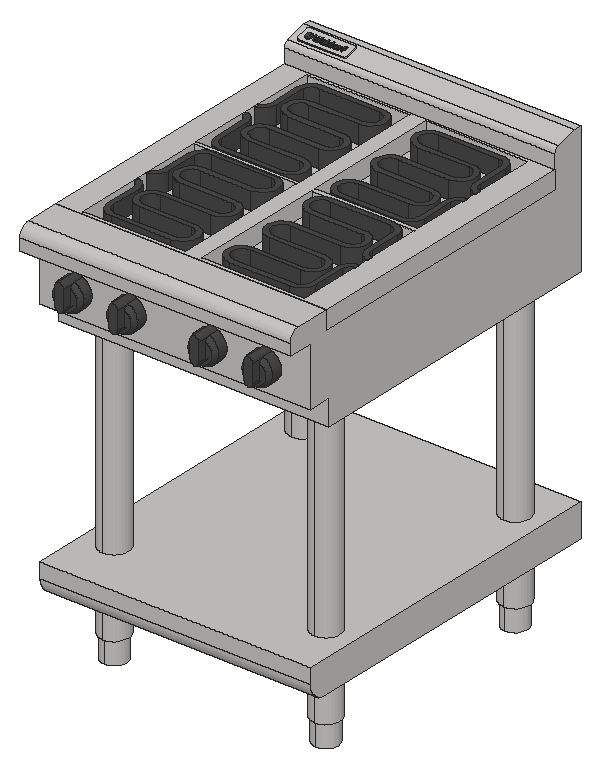
Revit family "QF_MOFFAT WALDORF_RNL8400E-LS", category Specialty Equipment, Revit 2012 (continued)
Definition of nested family "WALDORF LOGO_FACE BASE"
  Forms (mm)
    Extrusion 3, solid, material "QF_Finishes_Black", visible <- "Show Logo"
      sketch origin (0, -33.217, 1.588) x (1, 0, 0) y (0, 1, 0)
        loop
          line (90.249, 19.813) -> (88.91, 19.813) -> (88.91, 17.614) -> (90.249, 17.614) -> (90.249, 10.301) -> (93.998, 10.301) -> (93.998, 17.614) -> (95.418, 17.614) -> (95.418, 19.813) -> (93.998, 19.813)
          arc (93.998, 19.813) -> (94.414, 20.817) -> (95.418, 21.233) r 1.42
          line (95.418, 21.233) -> (95.418, 23.602) -> (93.317, 23.602)
          arc (93.317, 23.602) -> (91.343, 22.903) -> (90.249, 21.118) r 3.137
          line (90.249, 21.118) -> (90.249, 19.813)
        loop
          arc (15.241, 23.571) -> (8.392, 16.525) -> (15.241, 9.479) r 7.049
          line (15.241, 9.479) -> (15.241, 23.571)
        loop
          line (15.641, 23.571) -> (15.641, 9.479)
          arc (15.641, 9.479) -> (22.49, 16.525) -> (15.641, 23.571) r 7.049
        loop
          arc (47.922, 14.711) -> (46.266, 13.749) -> (47.922, 12.787) r 1.107
          line (47.922, 12.787) -> (47.922, 14.711)
      from 0 to 0.2
  Dimensions and locks
    aligned and locked: plane 2 to Extrusion 1
    aligned and locked: level to Extrusion 1
Definition of nested family "RNL8400E-LS-CASTERS"
  Parameters (values of type "BTL8450-CB-CASTERS")
    Weight = ""
    URL Manufacturer = ""
    URL Cutsheet = ""
    URL = ""
    Type Mark [instance] = ""
    Status [instance] = ""
    Specification by User [instance] = ""
    Specification by Manufacturer = ""
    Show Casters [instance] = no
    Serial Number = ""
    Seismic Rating = ""
    SMACNA No = ""
    Revision Code [instance] = ""
    Omniclass Number and Title = ""
    NAFEM Spec ID Number = ""
    Model = ""
    MasterSpec. = ""
    Manufacturer = ""
    Item Number [instance] = ""
    Installed By [instance] = ""
    Identify Quantity as Lot [instance] = yes
    Furnished By [instance] = ""
    Foodservice Equipment Identifier [instance] = yes
    Description = ""
    CSI MasterFormat = ""
    CSI Master Format = ""
    Assembly Code = ""
  Reference planes
    plane 1: z = 0
    plane 2 "RIGHT": x = 0
    plane 3 "FRONT": y = 0
    plane 4 "TOP": z = 177.8
  Forms (mm)
    Revolve 1, solid, material "QF_Finishes_Stainless Steel", visible <- "Show Casters"
      sketch origin (0, 56.335, 0) x (0, 1, 0) y (0, 0, 1)
        loop
          line (-56.335, 152.4) -> (-56.335, 141.118) -> (-23.798, 141.118) -> (-23.798, 152.4) -> (-56.335, 152.4)
        axis (-56.335, 141.118) -> (-56.335, 152.4)
      angle from 0 to 360
    Extrusion 2, solid, material "QF_Finishes_Stainless Steel", visible <- "Show Casters"
      sketch origin (-46.049, 56.335, 0) x (0, 1, 0) y (0, 0, 1)
        loop
          line (-85.799, 141.118) -> (-85.799, 133.498) -> (-82.136, 133.498)
          arc (-82.136, 133.498) -> (-79.344, 132.328) -> (-77.146, 130.248) r 8.432
          line (-77.146, 130.248) -> (-39.502, 49.52)
          arc (-39.502, 49.52) -> (-13.784, 46.107) -> (-5.673, 70.75) r 20.32
          arc (-5.673, 70.75) -> (-7.065, 73.611) -> (-8.887, 76.22) r 20.32
          arc (-8.887, 76.22) -> (-9.399, 85.377) -> (-6.626, 94.119) r 25.4
          line (-6.626, 94.119) -> (8.003, 121.632)
          arc (8.003, 121.632) -> (-2.347, 126.31) -> (-13.34, 129.167) r 66.802
          line (-13.34, 129.167) -> (-13.765, 133.498) -> (-26.871, 133.498) -> (-26.871, 141.118) -> (-85.799, 141.118)
      from 20.058 to 22.923
    Extrusion 3, solid, material "QF_Finishes_Stainless Steel", visible <- "Show Casters"
      sketch origin (3.326, 56.335, 0) x (0, 1, 0) y (0, 0, 1)
        loop
          line (-85.799, 141.118) -> (-85.799, 133.498) -> (-82.136, 133.498)
          arc (-82.136, 133.498) -> (-79.344, 132.328) -> (-77.146, 130.248) r 8.432
          line (-77.146, 130.248) -> (-39.502, 49.52)
          arc (-39.502, 49.52) -> (-13.784, 46.107) -> (-5.673, 70.75) r 20.32
          arc (-5.673, 70.75) -> (-7.065, 73.611) -> (-8.887, 76.22) r 20.32
          arc (-8.887, 76.22) -> (-9.399, 85.377) -> (-6.626, 94.119) r 25.4
          line (-6.626, 94.119) -> (8.003, 121.632)
          arc (8.003, 121.632) -> (-2.347, 126.31) -> (-13.34, 129.167) r 66.802
          line (-13.34, 129.167) -> (-13.765, 133.498) -> (-26.871, 133.498) -> (-26.871, 141.118) -> (-85.799, 141.118)
      from 20.058 to 22.923
    Extrusion 4, solid, material "QF_Finishes_Stainless Steel", visible <- "Show Casters"
      sketch origin (-49.224, 56.335, 0) x (0, 1, 0) y (0, 0, 1)
        loop
          line (-85.799, 141.118) -> (-85.799, 133.498) -> (-82.136, 133.498) -> (-18.877, 127.964) -> (7.14, 120.01) -> (8.003, 121.632)
          arc (8.003, 121.632) -> (-2.347, 126.31) -> (-13.34, 129.167) r 66.802
          line (-13.34, 129.167) -> (-13.765, 133.498) -> (-26.871, 133.498) -> (-26.871, 141.118) -> (-85.799, 141.118)
      from 26.098 to 72.56
    Revolve 5, solid, material "QF_Finishes_Stainless Steel", visible <- "Show Casters"
      sketch origin (-49.224, 30.821, 0) x (1, 0, 0) y (0, 0, 1)
        loop
          line (14.841, 63.604) -> (83.584, 63.604) -> (83.584, 67.109) -> (82.314, 68.379) -> (80.79, 68.379) -> (80.79, 71.826) -> (68.644, 71.826) -> (68.644, 81.79) -> (65.088, 83.843) -> (61.683, 104.879) -> (65.881, 104.879) -> (65.881, 111.229) -> (65.088, 111.229) -> (65.088, 117.579)
          arc (65.088, 117.579) -> (62.298, 124.314) -> (55.563, 127.104) r 9.525
          line (55.563, 127.104) -> (42.863, 127.104)
          arc (42.863, 127.104) -> (36.127, 124.314) -> (33.338, 117.579) r 9.525
          line (33.338, 117.579) -> (33.338, 111.229) -> (32.544, 111.229) -> (32.544, 104.879) -> (36.742, 104.879) -> (33.352, 83.932) -> (29.782, 81.871) -> (29.782, 71.826) -> (17.635, 71.826) -> (17.635, 68.379) -> (16.111, 68.379) -> (14.841, 67.109) -> (14.841, 63.604)
        axis (14.841, 63.604) -> (83.584, 63.604)
      angle from 0 to 360
  Cuts and joins
    joined: Extrusion 2, Extrusion 3, Extrusion 4
  Lines and regions (mm)
    symbolic lines, style "SpecialityEquipmentHiddenLines", visible <- "Show Casters"
      curve 1: line (18.009, 67.053, 0) -> (45.595, 51.127, 0)
      curve 2: line (-45.491, -42.932, 0) -> (18.009, 67.053, 0)
      curve 3: line (-17.905, -58.859, 0) -> (-45.491, -42.932, 0)
      curve 4: line (45.595, 51.127, 0) -> (-17.905, -58.859, 0)
  Dimensions and locks
    plane 4 "TOP" to level = 177.8 mm  (x2)
    Revolve 5 sketch curve to Revolve 5 sketch curve = 63.5 mm
    aligned and locked: level to plane 1
